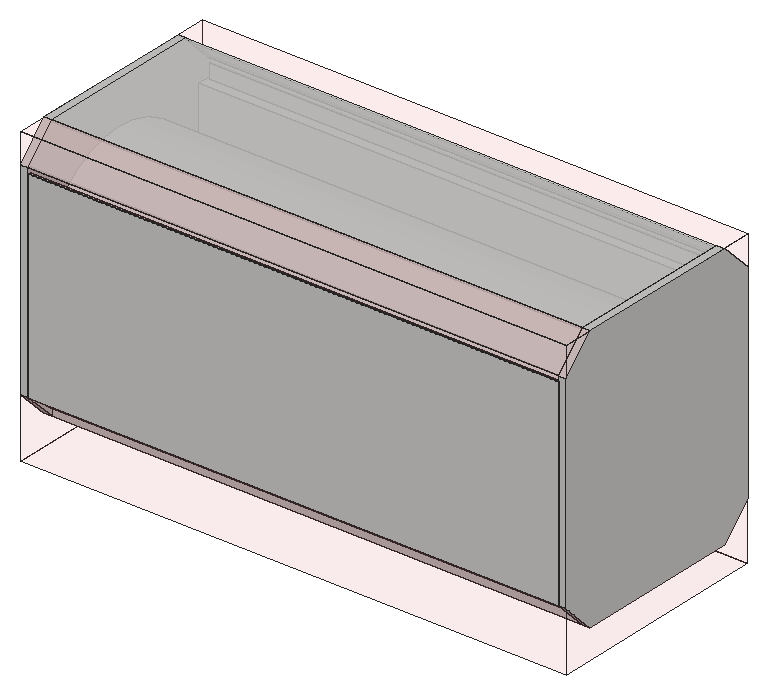
Revit family "Air-Curtain_Climate-Control_PoweredAire_ECE-E", category Mechanical Equipment, host Face, Revit 2019
Family settings
  Host = Face
  Round Connector Dimension = Use Diameter
  Part Type = Normal
  OmniClass Number = 23.75.35.17.21
  OmniClass Title = Air Curtains
  Cut with Voids When Loaded = No
  Shared = No
  Room Calculation Point = No
Parameters
  Warranty Duration (Years) = 0
  Unit Width Notes = "Other Widths available."  # constant formula
  Unit Width = 3' - 0"
  Unit Weight = 0
  Unit Height = 1' - 3"
  Unit Depth = 1' - 5 1/2"
  URL = "http://www.poweredaire.com/"
  Test Data = ""
  Temperature Rise_Range = "as Specified"
  Standards Conformance = "as Specified"
  Specification = "http://www.arcat.com/sdspecs/htm04/23_34_33pai.htm"
  SpecWizard = ""
  Sound Pressure = "as Specified"
  Sales Information = "http://www.poweredaire.com/contact_us"
  Revision = "R1_2016-08"
  Projection from Host [instance] = 0' - 2"
  Product Properties = ""
  Product Data = "http://www.arcat.com/arcatcos/cos47/arc47623.html"
  Power Rating = 0 W
  Outlet Volume_Range = "as Specified"
  Outlet Velocity_Range = "as Specified"
  Nozzle Width = if(1 = 1, Unit Width - 0' 1", 0' 0")  # 2' - 11"
  Mounting Width = if(1 = 1, Unit Width - 0' 0 15/16", 0' 0")  # 2' - 11 1/16"
  Mounting Height [instance] = 3' - 6"
  Motor RPM = 0
  Motor HP = 0
  Motor Count = 0
  Model = "As Specified"
  Max Height = 0' - 0"
  Manufacturer Website = "http://www.poweredaire.com/"
  Manufacturer Phone - Toll Free = "888-321-2473"
  Manufacturer Phone = "724-588-3305"
  Manufacturer Fax = "724-588-3371"
  Manufacturer Address = "109 Mortensen Rd.  Greenville, PA 16125"
  Manufacturer = "Powered Aire, Inc"
  Maintenance Schedule (Months) = 0
  Keynote = "23 34 33"
  Installation-Fabrication = ""
  Installation Phase = ""
  Include Clearance [instance] = yes
  Heating Element Load = 0 W
  HVAC_Temperature Rise [instance] = 0 °F
  HVAC_Outlet Volume [instance] = 0 CFM
  HVAC_Outlet Velocity Uniformity = 0
  HVAC_Outlet Velocity [instance] = 0 FPM
  Green Building-LEED = "http://www.arcat.com/green/clients/leed_data_47623.html"
  Front Grating Material [instance] = Metal - Steel - PoweredAire - Stainless 304 Perforated
  Frame Finish [instance] = Metal - Steel - PoweredAire - Stainless 304
  Expected Lifespan (Years) = 0
  Electrical_Wattage [instance] = Power Rating + Heating Element Load  # 0 W
  Electrical_Voltage [instance] = 0 V
  Electrical_Phase [instance] = 1
  Electrical_Frequency [instance] = 0 Hz
  Electrical_Amperage [instance] = 0 A
  Drawn By = "Sumex Design, Inc. / Robert S. Weygant, CSI, CDT, SCIP"
  Description = "Powered Aire Air Curtain as Specified"
  Default Elevation = 0' - 0"  # constant formula
  Copyright = "©Arcat Inc."
  Construction Details = "http://www.arcat.com/details/powair/prod3336.html"
  Clearance_Top [instance] = 0' - 0"
  Clearance_Side B [instance] = 0' - 0"
  Clearance_Side A [instance] = 0' - 0"
  Clearance_Intake [instance] = 0' - 0"
  Clearance_Bottom [instance] = 0' - 0"
  Clearance Material [instance] = ARCAT Clearance
  Building Codes = ""
  Available Options [instance] = "as Specified"
  Assembly Code = "D3090400"
Reference planes (in)
  plane 1 "Center (Elevation)": y = 0.13818
  plane 2: z = 0
  plane 3 "Center (Left/Right)": x = 0
  plane 4: y = 7.63818
  plane 5: y = -7.36182
  plane 6: x = -18
  plane 7: x = 18
  plane 8: z = 19.5
  plane 9 "FF": y = -41.86182
  plane 10: z = 2
  plane 11: x = 17.5
  plane 12: x = -17.5
  plane 13: y = 7.63818
  plane 14: y = -7.36182
  plane 15: x = -18
  plane 16: x = 18
  plane 17: z = 19.5
Forms (in)
  Extrusion 1, solid, material "Metal - Steel - PoweredAire - Stainless 304" <- "Frame Finish"
    sketch origin (0, 0, 0) x (0, 1, 0) y (0, 0, 1)
      loop
        line (5.69363, 2) -> (7.63818, 3.94454) -> (7.63818, 17.55546) -> (5.69363, 19.5) -> (-5.41728, 19.5) -> (-7.36182, 17.55546) -> (-7.36182, 3.94454) -> (-5.41728, 2) -> (5.69363, 2)
    from 17.5 to 18
  Extrusion 2, solid, material "Metal - Steel - PoweredAire - Stainless 304" <- "Frame Finish"
    sketch origin (0, 0, -0.5) x (0, 1, 0) y (0, 0, 1)
      loop
        circle (0.13818, 10.9739) r 6.25
      loop
        line (6.63818, 16.89427) -> (6.63818, 5.87829) -> (7.33849, 5.87829) -> (7.33849, 16.89427) -> (6.63818, 16.89427)
      loop
        line (-7.02798, 16.76927) -> (-7.02798, 5.75329) -> (-6.36182, 5.75329) -> (-6.36182, 16.76927) -> (-7.02798, 16.76927)
    from -17.5 to 17.5
  Extrusion 3, solid, material "Metal - Steel - PoweredAire - Stainless 304" <- "Frame Finish"
    sketch origin (0, 0, 0) x (0, 1, 0) y (0, 0, -1)
      loop
        line (5.69363, -2) -> (-5.41728, -2) -> (-7.36182, -3.94454) -> (-7.36182, -17.55546) -> (-5.41728, -19.5) -> (5.69363, -19.5) -> (7.63818, -17.55546) -> (7.63818, -3.94454) -> (5.69363, -2)
    from 17.5 to 18
  Extrusion 4, solid, material "Metal - Steel - PoweredAire - Stainless 304" <- "Frame Finish"
    sketch origin (0, 0, 0) x (0, 1, 0) y (0, 0, 1)
      loop
        line (-5.41728, 2) -> (5.69363, 2) -> (7.63818, 3.94454) -> (7.63818, 17.19454) -> (7.51318, 17.19454) -> (7.51318, 3.99632) -> (5.64186, 2.125) -> (-5.29228, 2.125) -> (-5.29228, 4.06954) -> (-7.23682, 4.06954) -> (-7.23682, 17.19454) -> (-7.36182, 17.19454) -> (-7.36182, 3.94454) -> (-5.41728, 3.94454) -> (-5.41728, 2)
      loop
        line (-6.64819, 3.61034) -> (-5.8702, 2.83235) -> (-5.74472, 2.95783) -> (-6.52271, 3.73583) -> (-6.64819, 3.61034)
    from -17.5 to 17.5
  Extrusion 5, solid, material "Metal - Steel - PoweredAire - Stainless 304 Perforated" <- "Front Grating Material"
    sketch origin (0, 0, 0) x (0, 1, 0) y (0, 0, 1)
      loop
        line (-7.36182, 17.19454) -> (-7.23682, 17.19454) -> (-7.23682, 17.50368) -> (-5.3655, 19.375) -> (5.64186, 19.375) -> (7.51318, 17.50368) -> (7.51318, 17.19454) -> (7.63818, 17.19454) -> (7.63818, 17.55546) -> (5.69363, 19.5) -> (-5.41728, 19.5) -> (-7.36182, 17.55546) -> (-7.36182, 17.19454)
    from -17.5 to 17.5
  Extrusion 6, solid, material "ARCAT Clearance" <- "Clearance Material", visible <- "Include Clearance"
    sketch origin (0, 0, 0) x (0, 1, 0) y (0, 0, 1)
      loop
        line (-7.36182, 19.5) -> (-7.36182, 0) -> (7.63818, 0) -> (7.63818, 19.5) -> (-7.36182, 19.5)
    from -18 to 18
Dimensions and locks (in)
  equal spacing: plane 4, plane 1 "Center (Elevation)", plane 5
  "Unit Height": plane 4 to plane 5
  equal spacing: plane 6, plane 3 "Center (Left/Right)", plane 7
  "Unit Width": plane 6 to plane 7
  "Mounting Height": plane 1 "Center (Elevation)" to plane 9 "FF"
  "Projection from Host": plane 10 to level
  "Unit Depth": plane 8 to plane 10
  locked: plane 6 to plane 12 at 0.5
  locked: plane 11 to plane 7 at 0.5
  "Clearance_Side A": plane 7 to plane 16
  "Clearance_Side B": plane 15 to plane 6
  "Clearance_Top": plane 13 to plane 4
  "Clearance_Bottom": plane 5 to plane 14
  "Clearance_Intake": plane 17 to plane 8
  aligned and locked: plane 2 to host face
  aligned and locked: level to host face
  aligned and locked: plane 7 to Extrusion 1
  aligned and locked: Extrusion 1 to plane 11
  aligned and locked: plane 12 to Extrusion 3
  aligned and locked: Extrusion 3 to plane 6
  aligned and locked: Extrusion 2 to plane 12
  aligned and locked: plane 11 to Extrusion 2
  aligned and locked: plane 11 to Extrusion 4
  aligned and locked: Extrusion 4 to plane 12
  aligned and locked: plane 11 to Extrusion 5
  aligned and locked: Extrusion 5 to plane 12
  aligned and locked: Extrusion 6 sketch curve to plane 17
  aligned and locked: plane 14 to Extrusion 6 sketch curve
  aligned and locked: level to Extrusion 6 sketch curve
  aligned and locked: Extrusion 6 sketch curve to plane 13
  aligned and locked: plane 16 to Extrusion 6
  aligned and locked: Extrusion 6 to plane 15
Automatic sketch dimensions
  host sketch curve to host sketch curve = 8' - 0"  (x2)
  Extrusion 1 sketch curve to plane 5 = 0' - 0"
  Extrusion 1 sketch curve to plane 8 = 0' - 0"
  Extrusion 1 sketch curve to plane 10 = 0' - 0"
  Extrusion 1 sketch curve to plane 4 = 0' - 0"
  plane 5 to Extrusion 1 sketch curve = 0' - 1.94454"  (x2)
  Extrusion 1 sketch curve to plane 4 = 0' - 1.94454"  (x2)
  plane 10 to Extrusion 1 sketch curve = 0' - 1.94454"  (x2)
  Extrusion 1 sketch curve to plane 8 = 0' - 1.94454"  (x2)
  Extrusion 2 sketch curve to plane 1 "Center (Elevation)" = 0' - 0"
  plane 5 to Extrusion 2 sketch curve = 0' - 1"
  plane 5 to Extrusion 2 sketch curve = 0' - 0.33384"
  Extrusion 2 sketch curve to plane 4 = 0' - 1"
  Extrusion 2 sketch curve to plane 4 = 0' - 0.29969"
  plane 10 to Extrusion 2 sketch curve = 0' - 3.37829"
  plane 10 to Extrusion 2 sketch curve = 0' - 3.25329"
  Extrusion 2 sketch curve to plane 8 = 0' - 9.0261"
  Extrusion 2 sketch curve to plane 8 = 0' - 3.23073"
  Extrusion 2 sketch curve to plane 8 = 0' - 3.10573"
  Extrusion 3 sketch curve to plane 5 = 0' - 0"
  Extrusion 3 sketch curve to plane 8 = 0' - 0"
  Extrusion 3 sketch curve to plane 10 = 0' - 0"
  Extrusion 3 sketch curve to plane 4 = 0' - 0"
  plane 5 to Extrusion 3 sketch curve = 0' - 1.94454"  (x2)
  Extrusion 3 sketch curve to plane 4 = 0' - 1.94454"  (x2)
  Extrusion 3 sketch curve to plane 8 = 0' - 1.94454"  (x2)
  plane 10 to Extrusion 3 sketch curve = 0' - 1.94454"  (x2)
  Extrusion 4 sketch curve to plane 5 = 0' - 0"
  Extrusion 4 sketch curve to plane 10 = 0' - 0"
  Extrusion 4 sketch curve to plane 4 = 0' - 0"
  plane 5 to Extrusion 4 sketch curve = 0' - 0 1/8"
  plane 5 to Extrusion 4 sketch curve = 0' - 0.71363"
  Extrusion 4 sketch curve to Extrusion 4 sketch curve = 0' - 0.12548"  (x2)
  Extrusion 4 sketch curve to Extrusion 4 sketch curve = 0' - 0.778"
  Extrusion 4 sketch curve to Extrusion 4 sketch curve = 0' - 0.32744"
  Extrusion 4 sketch curve to Extrusion 4 sketch curve = 0' - 0 1/8"  (x2)
  plane 10 to Extrusion 4 sketch curve = 0' - 0 1/8"
  Extrusion 4 sketch curve to plane 4 = 0' - 1.99632"
  Extrusion 4 sketch curve to Extrusion 4 sketch curve = 0' - 0.05178"  (x2)
  plane 10 to Extrusion 4 sketch curve = 0' - 0.83235"
  plane 10 to Extrusion 4 sketch curve = 0' - 1.94454"
  Extrusion 4 sketch curve to Extrusion 4 sketch curve = 0' - 0.3342"
  Extrusion 4 sketch curve to plane 4 = 0' - 0 1/8"
  Extrusion 4 sketch curve to plane 8 = 0' - 2.30546"  (x2)
  Extrusion 5 sketch curve to plane 5 = 0' - 0"
  Extrusion 5 sketch curve to plane 8 = 0' - 0"
  Extrusion 5 sketch curve to plane 4 = 0' - 0"
  plane 5 to Extrusion 5 sketch curve = 0' - 0 1/8"
  plane 5 to Extrusion 5 sketch curve = 0' - 1.94454"
  Extrusion 5 sketch curve to plane 8 = 0' - 0 1/8"
  Extrusion 5 sketch curve to Extrusion 5 sketch curve = 0' - 0.05178"  (x4)
  Extrusion 5 sketch curve to plane 4 = 0' - 1.99632"
  Extrusion 5 sketch curve to plane 8 = 0' - 1.94454"  (x2)
  Extrusion 5 sketch curve to Extrusion 5 sketch curve = 0' - 0 1/8"
  Extrusion 5 sketch curve to Extrusion 5 sketch curve = 0' - 0.30914"  (x2)
  radius of Extrusion 2 sketch curve = 0' - 6 1/4"
Connectors (in)
  electrical at (0, 7.63818, 10.56954), driven by "Electrical_Phase", driven by "Electrical_Voltage"
    settings: on Extrusion 4, index 1, voltage 0 V, apparent load 0 VA, apparent load phase1 0 VA, apparent load phase2 0 VA, apparent load phase3 0 VA, power factor 1, load classification "Motor", number of poles 1, system type 31, power factor state 1, is connector primary yes, connector utility no, sub classification motor no, connector description ""
